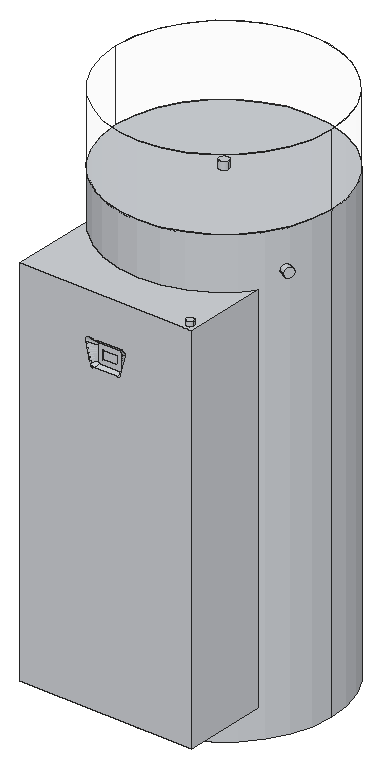
Revit family
Parameters (values of type "HC(Voltage)54 119 3 Phase")
  Wattage = KW * 1000 VA  # 54000 VA
  Water inlet length = Radius + 1"  # 15 3/4"
  VOLTAGE = 208 V
  Total Amps = KW * 1000 V / 1.73 / VOLTAGE  # 150.0667
  Top Clearance = 9 3/4"
  SES BIM Studio # = "201264902-40.2"
  URL = "http://www.lochinvar.com/products/default.aspx?type=productline&lineid=187"
  Panel Width = B_DIAMETER - 6"  # 23 1/2"
  Panel Depth = 13 7/8"
  Number of Poles = 3
  Model = "HC (X) 54 119"
  Manufacturer = "Lochinvar"
  MODEL NO. = "HC (Voltage) 54 119"
  KW = 54
  GALLON CAPACITY = "119"
  C_OVERALL DEPTH = 35"
  CONTINUOUS DELIVERY (GPH) = "221"
  B_DIAMETER = Radius * 2  # 29 1/2"
  A_HEIGHT = 62 1/4"
  Description = ""
  Fuel Type = ""
  Radius = 14 3/4"
  # OF ELEMENTS = "9"
Types (14): name | Wattage | Total Amps | Model | MODEL NO. | KW | CONTINUOUS DELIVERY (GPH) | A_HEIGHT | # OF ELEMENTS
  (no name) | 54000 VA | 150.0667 | "HC (X) 54 119" | "HC (Voltage) 54 119" | 54 | "221" | 62 1/4" | "9"
  HC(Voltage)18 119 3 Phase | 18000 VA | 50.0222 | "HC (X) 18 119" | "HC (Voltage) 18 119" | 18 | "74" | 62 1/4" | "3"
  HC(Voltage)06 119 3 Phase | 6000 VA | 16.6741 | "HC (X) 6 119" | "HC (Voltage) 6 119" | 6 | "25" | 62 1/4" | "3"
  HC(Voltage)09 119 3 Phase | 9000 VA | 25.0111 | "HC (X) 9 119" | "HC (Voltage) 9 119" | 9 | "37" | 62 1/4" | "3"
  HC(Voltage)12 119 3 Phase | 12000 VA | 33.3482 | "HC (X) 12 119" | "HC (Voltage) 12 119" | 12 | "49" | 60 1/4" | "3"
  HC(Voltage)13.5 119 3 Phase | 13500 VA | 37.5167 | "HC (X) 13.5 119" | "HC (Voltage) 13.5 119" | 13.5 | "55" | 62 1/4" | "3"
  HC(Voltage)15 119 3 Phase | 15000 VA | 41.6852 | "HC (X) 15 119" | "HC (Voltage) 15 119" | 15 | "61" | 62 1/4" | "3"
  HC(Voltage)24 119 3 Phase | 24000 VA | 66.6963 | "HC (X) 24 119" | "HC (Voltage) 24 119" | 24 | "98" | 62 1/4" | "6"
  HC(Voltage)27 119 3 Phase | 27000 VA | 75.0333 | "HC (X) 27 119" | "HC (Voltage) 27 119" | 27 | "111" | 62 1/4" | "6"
  HC(Voltage)30 119 3 Phase | 30000 VA | 83.3704 | "HC (X) 30 119" | "HC (Voltage) 30 119" | 30 | "123" | 62 1/4" | "6"
  HC(Voltage)36 119 3 Phase | 36000 VA | 100.0445 | "HC (X) 36 119" | "HC (Voltage) 36 119" | 36 | "148" | 62 1/4" | "6"
  HC(Voltage)40 119 3 Phase | 40000 VA | 111.1605 | "HC (X) 40 119" | "HC (Voltage) 40 119" | 40 | "166" | 62 1/4" | "9"
  HC(Voltage)45 119 3 Phase | 45000 VA | 125.0556 | "HC (X) 45 119" | "HC (Voltage) 45 119" | 45 | "194" | 62 1/4" | "9"
  HC(Voltage)54 119 3 Phase | 54000 VA | 150.0667 | "HC (X) 54 119" | "HC (Voltage) 54 119" | 54 | "221" | 62 1/4" | "9"
Reference planes (in)
  plane 1 "Center (Front/Back)": y = 6.125
  plane 2: z = 0
  plane 3 "Center (Left/Right)": x = -1.39218
  plane 4 "Top": z = 62.25
  plane 5 "Top Clearance": z = 72
  plane 6 "Panel right": x = 10.35782
  plane 7 "Panel left": x = -13.14218
  plane 8 "Panel Face": y = -14.125
  plane 9: y = 20.875
  plane 10 "Panel top": z = 55.25
  plane 11 "Panel bottom": z = 4
  plane 12 "Water inlet anchor": through (-1.39218, 6.125, 48) normal (-0.9063, 0.4226, 0)
  plane 13 "Water inlet end": through (12.88217, -0.53124, 48) normal (-0.9063, 0.4226, 0)
  plane 14: through (-1.39218, 6.125, 48) normal (-0.9063, -0.4226, 0)
  plane 15: through (-15.66653, -0.53124, 48) normal (-0.9063, -0.4226, 0)
  plane 16: z = 5.25
  plane 17 "Control Panel Face": y = -13.375
Forms (in)
  Extrusion 1, solid
    sketch origin (0, 0, 0) x (1, 0, 0) y (0, 1, 0)
      loop
        circle (-1.39218, 6.125) r 14.75
    from 0 to 62.25
  Extrusion 2, solid, material "Clearance"
    sketch origin (0, 0, 62.25) x (-1, 0, 0) y (0, -1, 0)
      loop
        circle (1.39218, -6.125) r 14.75
    from 0 to 9.75
  Extrusion 3, solid
    sketch origin (-1.39218, 0, 0) x (0, 1, 0) y (0, 0, 1)
      loop
        line (6.125, 4) -> (6.125, 55.25) -> (-14.125, 55.25) -> (-14.125, 4) -> (6.125, 4)
    from 11.75 to -11.75
  Extrusion 4, solid
    sketch origin (0, 0, 62.25) x (-1, 0, 0) y (0, -1, 0)
      loop
        circle (1.39218, -6.125) r 0.625
    from 0 to 1
  Extrusion 5, solid
    sketch origin (0, 0, 55.25) x (-1, 0, 0) y (0, -1, 0)
      loop
        circle (-9.35782, 13.125) r 0.5
    from 0 to 0.5
  Extrusion 6, solid
    sketch origin (-4.99757, -2.51609, 50.92188) x (-0.422618, -0.906308, 0) y (0, 0, 1)
      loop
        circle (-9.35519, 6.3358) r 0.625
    from 0.38429 to -15.36571
  Extrusion 7, solid
    sketch origin (-0.30555, -3.58256, -1.07813) x (0.422618, -0.906308, 0) y (0, 0, -1)
      loop
        circle (-9.25727, -6.3358) r 0.625
    from 3.11777 to -12.63223
  Blend 8, void
    base sketch origin (0, -14.125, 0) x (1, 0, 0) y (0, 0, 1)
      loop
        arc (-3.62679, 49.5) -> (-4.02089, 49.30771) -> (-4.11186, 48.87873) r 0.5
        line (-4.11186, 48.87873) -> (-3.48686, 46.37873)
        arc (-3.48686, 46.37873) -> (-3.3095, 46.1059) -> (-3.00179, 46) r 0.5
        line (-3.00179, 46) -> (0.21743, 46)
        arc (0.21743, 46) -> (0.52514, 46.1059) -> (0.7025, 46.37873) r 0.5
        line (0.7025, 46.37873) -> (1.3275, 48.87873)
        arc (1.3275, 48.87873) -> (1.23654, 49.30771) -> (0.84243, 49.5) r 0.5
        line (0.84243, 49.5) -> (-3.62679, 49.5)
    top sketch origin (0, -14.125, 0) x (1, 0, 0) y (0, 0, 1)
      loop
        line (-2.81429, 46.25) -> (0.02993, 46.25)
        arc (0.02993, 46.25) -> (0.20671, 46.32322) -> (0.27993, 46.5) r 0.25
        line (0.27993, 46.5) -> (0.27993, 48.5)
        arc (0.27993, 48.5) -> (0.20671, 48.67678) -> (0.02993, 48.75) r 0.25
        line (0.02993, 48.75) -> (-2.81429, 48.75)
        arc (-2.81429, 48.75) -> (-2.99107, 48.67678) -> (-3.06429, 48.5) r 0.25
        line (-3.06429, 48.5) -> (-3.06429, 46.5)
        arc (-3.06429, 46.5) -> (-2.99107, 46.32322) -> (-2.81429, 46.25) r 0.25
    from 0 to -0.75
  Extrusion 9, void
    sketch origin (0, -13.375, 0.12693) x (1, 0, 0) y (0, 0, 1)
      loop
        arc (-2.31429, 48) -> (-2.40268, 47.96339) -> (-2.43929, 47.875) r 0.125
        line (-2.43929, 47.875) -> (-2.43929, 46.875)
        arc (-2.43929, 46.875) -> (-2.40268, 46.78661) -> (-2.31429, 46.75) r 0.125
        line (-2.31429, 46.75) -> (-0.47007, 46.75)
        arc (-0.47007, 46.75) -> (-0.38168, 46.78661) -> (-0.34507, 46.875) r 0.125
        line (-0.34507, 46.875) -> (-0.34507, 47.875)
        arc (-0.34507, 47.875) -> (-0.38168, 47.96339) -> (-0.47007, 48) r 0.125
        line (-0.47007, 48) -> (-2.31429, 48)
    from 0 to -0.125
Cuts and joins
  Blend 8, Extrusion 9 cuts Extrusion 1
  Blend 8, Extrusion 9 cuts Extrusion 3
Dimensions and locks (in)
  "A_HEIGHT": plane 4 "Top" to level
  "Top Clearance": plane 5 "Top Clearance" to plane 4 "Top"
  equal spacing: plane 7 "Panel left", plane 3 "Center (Left/Right)", plane 6 "Panel right"
  "Panel Width": plane 7 "Panel left" to plane 6 "Panel right"
  "Radius": plane 9 to Extrusion 3
  "C_OVERALL DEPTH": plane 8 "Panel Face" to plane 9
  locked: plane 11 "Panel bottom" to plane 2 at 4
  "Water inlet length": plane 12 "Water inlet anchor" to plane 13 "Water inlet end"
  "Water inlet length": plane 14 to plane 15
  locked: plane 8 "Panel Face" to plane 17 "Control Panel Face" at 0.75
  "Radius": radius of Extrusion 1 sketch curve
  "Radius": radius of Extrusion 2 sketch curve
  aligned and locked: plane 4 "Top" to Extrusion 1
  aligned and locked: plane 5 "Top Clearance" to Extrusion 2
  aligned and locked: plane 6 "Panel right" to Extrusion 3
  aligned and locked: Extrusion 3 to plane 7 "Panel left"
  aligned and locked: plane 8 "Panel Face" to Extrusion 3
  aligned and locked: Extrusion 3 to plane 1 "Center (Front/Back)"
  aligned and locked: plane 10 "Panel top" to Extrusion 3
  aligned and locked: Extrusion 3 to plane 11 "Panel bottom"
  aligned and locked: Extrusion 6 to plane 13 "Water inlet end"
  aligned and locked: Extrusion 7 to plane 15
Automatic sketch dimensions
  plane 1 "Center (Front/Back)" to Extrusion 1 sketch curve = 0"
  Extrusion 1 sketch curve to plane 3 "Center (Left/Right)" = 0"
  plane 1 "Center (Front/Back)" to Extrusion 2 sketch curve = 0"
  Extrusion 2 sketch curve to plane 3 "Center (Left/Right)" = 0"
  Extrusion 3 sketch curve to plane 8 "Panel Face" = 0"
  Extrusion 3 sketch curve to plane 1 "Center (Front/Back)" = 0"
  Extrusion 3 sketch curve to plane 11 "Panel bottom" = 0"
  Extrusion 3 sketch curve to plane 10 "Panel top" = 0"
  plane 1 "Center (Front/Back)" to Extrusion 4 sketch curve = 0"
  Extrusion 4 sketch curve to plane 3 "Center (Left/Right)" = 0"
  Extrusion 5 sketch curve to plane 6 "Panel right" = 1"
  Extrusion 5 sketch curve to plane 8 "Panel Face" = 1"
  plane 16 to Extrusion 6 sketch curve = 52.00768"
  Extrusion 7 sketch curve to plane 16 = 0.00768"
  Blend 8 sketch curve to plane 3 "Center (Left/Right)" = 2.71968"
  Blend 8 sketch curve to Blend 8 sketch curve = 0.48507"  (x4)
  Blend 8 sketch curve to plane 3 "Center (Left/Right)" = 2.09468"
  plane 3 "Center (Left/Right)" to Blend 8 sketch curve = 1.60961"
  plane 3 "Center (Left/Right)" to Blend 8 sketch curve = 2.23461"
  Blend 8 sketch curve to plane 10 "Panel top" = 9 1/4"
  Blend 8 sketch curve to Blend 8 sketch curve = 0.37873"  (x2)
  Blend 8 sketch curve to Blend 8 sketch curve = 2 1/2"  (x2)
  Blend 8 sketch curve to Blend 8 sketch curve = 0.12127"
  Blend 8 sketch curve to plane 3 "Center (Left/Right)" = 1.67211"
  Blend 8 sketch curve to Blend 8 sketch curve = 1/4"  (x3)
  plane 3 "Center (Left/Right)" to Blend 8 sketch curve = 1.42211"  (x2)
  Blend 8 sketch curve to plane 10 "Panel top" = 9"
  Blend 8 sketch curve to Blend 8 sketch curve = 2"
  Extrusion 9 sketch curve to plane 3 "Center (Left/Right)" = 1.04711"
  Extrusion 9 sketch curve to Extrusion 9 sketch curve = 1/8"  (x3)
  plane 3 "Center (Left/Right)" to Extrusion 9 sketch curve = 0.92211"  (x2)
  Extrusion 9 sketch curve to plane 10 "Panel top" = 8.37307"
  Extrusion 9 sketch curve to Extrusion 9 sketch curve = 1"
  radius of Extrusion 4 sketch curve = 5/8"
  radius of Extrusion 5 sketch curve = 1/2"
  radius of Extrusion 6 sketch curve = 5/8"
  radius of Extrusion 7 sketch curve = 5/8"
Connectors (in)
  piping at (-1.39218, 6.125, 63.25)
    settings: on Extrusion 4, index 1, connector radius 5/8", flow factor 0, pipe flow 0 GPM, pressure drop 0.00 psi, fitting loss kfactor 0, connector angle 0.00°, fixture units 0, flow configuration 0, flow direction 0, fitting loss method 0, system type 19, connector reference index -1, connector utility 0, adjustable connector no, is connector primary yes, fitting loss table "", connector description "Water Outlet"
  piping at (-15.66653, -0.53124, 5.25768)
    settings: on Extrusion 7, index 5, connector radius 3/8", flow factor 0, pipe flow 0 GPM, pressure drop 0.00 psi, fitting loss kfactor 0, connector angle 0.00°, fixture units 0, flow configuration 1, flow direction 2, fitting loss method 0, system type 16, connector reference index -1, connector utility 0, adjustable connector no, is connector primary no, fitting loss table "", connector description ""
  piping at (12.88217, -0.53124, 57.25768)
    settings: on Extrusion 6, index 6, connector radius 5/8", flow factor 0, pipe flow 0 GPM, pressure drop 0.00 psi, fitting loss kfactor 0, connector angle 0.00°, fixture units 0, flow configuration 0, flow direction 1, fitting loss method 0, system type 20, connector reference index -1, connector utility 0, adjustable connector no, is connector primary no, fitting loss table "", connector description "Water Inlet"
  electrical at (9.35782, -13.125, 55.75), driven by "Wattage", driven by "VOLTAGE", driven by "Number of Poles"
    settings: on Extrusion 5, index 7, voltage 208 V, apparent load 54000 VA, apparent load phase1 0 VA, apparent load phase2 0 VA, apparent load phase3 0 VA, power factor 1, load classification "Other", number of poles 3, system type 30, power factor state 1, is connector primary yes, connector utility no, sub classification motor no, connector description "Electrical"
